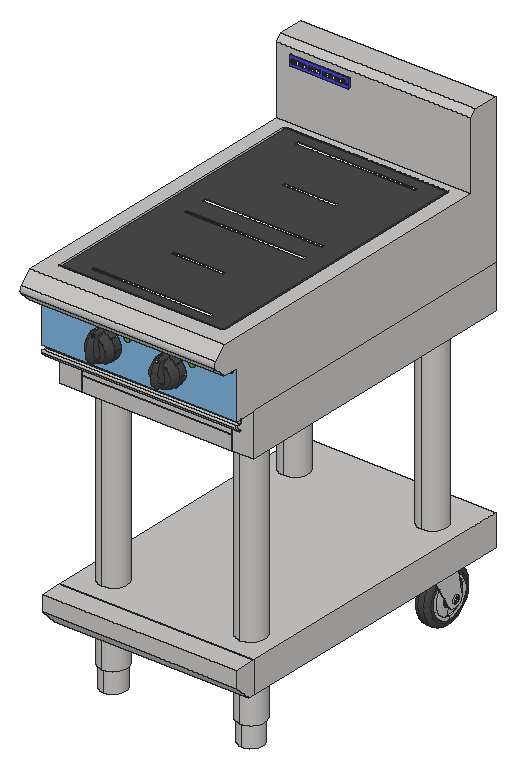
Revit family "QF_Moffat_IN512R5-LS_Induction_Cooktop_cat", category Specialty Equipment, Revit 2019
Family settings
  Round Connector Dimension = Use Diameter
  Part Type = Normal
  Work Plane-Based = No
  Always vertical = Yes
  Cut with Voids When Loaded = No
  Shared = No
  Room Calculation Point = No
Parameters (values of type "IN512R5-LS")
  Weight in Kilograms = 88
  Watts = 5810 W
  Volts = 415 V
  URL Cutsheet = ""
  Specification by User = ""
  Specification by Manufacturer = ""
  Show Logo [instance] = yes
  Show Legs [instance] = not(Show Castors)  # no
  Show Castors [instance] = yes
  Serial Number = ""
  Seismic Rating = ""
  SMACNA No = ""
  Revision Code = ""
  Phase = 3
  Number of Poles = 1
  NAFEM Spec ID Number = ""
  Model = "IN512R5-LS"
  Min Ckt Ampacity = 0 A
  Max Overcurrent Protection = 0 A
  Masterspec = ""
  Manufacturer = "Moffat"
  Length = 450 mm
  Item Number = ""
  Installed By = ""
  Identify Quantity as Lot = yes
  Height = 1085 mm
  HP = ""
  Furnished By = ""
  Foodservice Equipment Identifier = yes
  FL Amps = 14 A
  Electrical Remarks = ""
  Electric Connection Type = ""
  Elec Conn RI Height = 0 mm
  Elec Conn Connection Height = 0 mm
  Description = "Induction Cooktop"
  Depth = 812.2 mm
  Cycle = 60 Hz
  Conn Plug = ""
  Conn Conduit = yes
  CSI MasterFormat = ""
  Apparent Power = if(Phase = 3, Volts * FL Amps * 1.73, Volts * FL Amps)  # 10051.3 VA
Reference planes
  plane 1 "BACK": y = 0
  plane 2: z = 0
  plane 3 "LEFT": x = 0
  plane 4 "RIGHT": x = 450
  plane 5 "FRONT": y = -812.2
  plane 6 "TOP": z = 1085
  plane 7 "Center Y": x = 225
  plane 8 "Center X": y = -406.1
  plane 9: x = 65.5
  plane 10: x = 384.5
  plane 11: y = -30
  plane 12: x = 320
  plane 13: z = 635
  plane 14: y = -100
  plane 15: y = -625
  plane 16: z = 150
Forms (mm)
  Extrusion 1, solid, material "QF_Metal_Stainless_Polished"
    sketch origin (0, 0, 560) x (0, 1, 0) y (0, 0, 1)
      loop
        line (0, 180) -> (0, 525) -> (-57, 525) -> (-70, 512) -> (-70, 354.5) -> (-784.171, 354.5) -> (-808.685, 329.985)
        arc (-808.685, 329.985) -> (-812.2, 321.5) -> (-808.685, 313.015) r 12
        line (-808.685, 313.015) -> (-785.171, 289.5) -> (-749, 289.5) -> (-749, 180) -> (0, 180)
    from 0 to 450
  Extrusion 2, void
    sketch origin (0, -784.171, 914.5) x (0, 1, 0) y (-1, 0, 0)
      loop
        arc (696.671, -39.5) -> (694.913, -35.257) -> (690.671, -33.5) r 6
        line (690.671, -33.5) -> (44.671, -33.5)
        arc (44.671, -33.5) -> (40.428, -35.257) -> (38.671, -39.5) r 6
        line (38.671, -39.5) -> (38.671, -410.5)
        arc (38.671, -410.5) -> (40.428, -414.743) -> (44.671, -416.5) r 6
        line (44.671, -416.5) -> (690.671, -416.5)
        arc (690.671, -416.5) -> (694.913, -414.743) -> (696.671, -410.5) r 6
        line (696.671, -410.5) -> (696.671, -39.5)
    from 0 to -9.5
  Extrusion 3, solid, material "QF_Plastic_White_Smooth"
    sketch origin (0, -784.171, 905) x (0, 1, 0) y (-1, 0, 0)
      loop
        line (660.921, -362.5) -> (666.921, -362.5) -> (666.921, -87.5) -> (660.921, -87.5) -> (660.921, -362.5)
      loop
        line (526.421, -285) -> (532.421, -285) -> (532.421, -165) -> (526.421, -165) -> (526.421, -285)
      loop
        line (397.921, -87.5) -> (391.921, -87.5) -> (391.921, -362.5) -> (397.921, -362.5) -> (397.921, -87.5)
      loop
        line (337.421, -362.5) -> (343.421, -362.5) -> (343.421, -87.5) -> (337.421, -87.5) -> (337.421, -362.5)
      loop
        line (202.921, -285) -> (208.921, -285) -> (208.921, -165) -> (202.921, -165) -> (202.921, -285)
      loop
        line (74.421, -87.5) -> (68.421, -87.5) -> (68.421, -362.5) -> (74.421, -362.5) -> (74.421, -87.5)
    from 0 to 9.5
  Extrusion 4, solid, material "QF_Plastic_Black_Smooth"
    sketch origin (0, -784.171, 914.5) x (0, 1, 0) y (-1, 0, 0)
      loop
        line (692.671, -410.5) -> (692.671, -39.5)
        arc (692.671, -39.5) -> (692.085, -38.086) -> (690.671, -37.5) r 2
        line (690.671, -37.5) -> (44.671, -37.5)
        arc (44.671, -37.5) -> (43.256, -38.086) -> (42.671, -39.5) r 2
        line (42.671, -39.5) -> (42.671, -410.5)
        arc (42.671, -410.5) -> (43.256, -411.914) -> (44.671, -412.5) r 2
        line (44.671, -412.5) -> (690.671, -412.5)
        arc (690.671, -412.5) -> (692.085, -411.914) -> (692.671, -410.5) r 2
      loop
        line (666.921, -362.5) -> (666.921, -87.5) -> (660.921, -87.5) -> (660.921, -362.5) -> (666.921, -362.5)
      loop
        line (532.421, -285) -> (532.421, -165) -> (526.421, -165) -> (526.421, -285) -> (532.421, -285)
      loop
        line (397.921, -362.5) -> (397.921, -87.5) -> (391.921, -87.5) -> (391.921, -362.5) -> (397.921, -362.5)
      loop
        line (343.421, -87.5) -> (337.421, -87.5) -> (337.421, -362.5) -> (343.421, -362.5) -> (343.421, -87.5)
      loop
        line (208.921, -165) -> (202.921, -165) -> (202.921, -285) -> (208.921, -285) -> (208.921, -165)
      loop
        line (68.421, -362.5) -> (74.421, -362.5) -> (74.421, -87.5) -> (68.421, -87.5) -> (68.421, -362.5)
    from 0 to -9.5
  Extrusion 5, solid, material "QF_Metal_Stainless_Polished"
    sketch origin (0, 0, 600) x (0, 1, 0) y (0, 0, 1)
      loop
        line (-737.8, 140) -> (-737.8, 130) -> (-747.305, 130)
        arc (-747.305, 130) -> (-750.276, 128.015) -> (-749.579, 124.511) r 3.215
        line (-749.579, 124.511) -> (-739.05, 113.982) -> (-737.919, 115.113) -> (-748.447, 125.642)
        arc (-748.447, 125.642) -> (-748.797, 127.403) -> (-747.305, 128.4) r 1.615
        line (-747.305, 128.4) -> (-736.2, 128.4) -> (-736.2, 140) -> (-737.8, 140)
    from 0 to 450
  Extrusion 6, solid, material "QF_Plastic_Black_Smooth"
    sketch origin (0, -749, 741.875) x (0, 0, 1) y (-1, 0, 0)
      loop
        circle (99.343, -13.157) r 5
      loop
        circle (99.343, -436.843) r 5
      loop
        circle (99.343, -150) r 5
      loop
        circle (99.343, -300) r 5
    from 0 to 1.6
  Extrusion 7, solid, material "QF_Metal_Stainless_Polished"
    sketch origin (0, -699, 640) x (0, 1, 0) y (1, 0, 0)
      loop
        circle (669, 320) r 6.35
    from 0 to 1.6
  Extrusion 8, solid, material "QF_Metal_Stainless_Polished"
    sketch origin (0, -699, 645) x (1, 0, 0) y (0, -1, 0)
      loop
        line (0, -699) -> (450, -699) -> (450, 0) -> (399.2, 0) -> (399.2, -25.4) -> (50.8, -25.4) -> (50.8, 0) -> (0, 0) -> (0, -699)
    from 5 to -95
  Extrusion 9, solid, material "QF_Metal_Stainless_Polished"
    sketch origin (50.8, -30, 645) x (0, 1, 0) y (0, 0, 1)
      loop
        line (-669, -5) -> (-643.6, -5) -> (-643.6, 27.7) -> (-669, 27.7) -> (-669, -5)
      loop
        line (-669, 28.7) -> (-643.6, 28.7) -> (-643.6, 61.4) -> (-669, 61.4) -> (-669, 28.7)
      loop
        line (-669, 62.4) -> (-643.6, 62.4) -> (-643.6, 95) -> (-669, 95) -> (-669, 62.4)
    from 0 to 348.4
  Revolve 10, solid, material "QF_Metal_Stainless_Polished"
    sketch origin (65.5, -4572, 255.2) x (0, 0, -1) y (0, -1, 0)
      loop
        line (32.7, -4503.75) -> (32.7, -4472) -> (-384.8, -4472) -> (-384.8, -4503.75) -> (32.7, -4503.75)
      axis (-384.8, -4472) -> (32.7, -4472)
    angle from 0 to 360
  Revolve 11, solid, material "QF_Metal_Stainless_Polished"
    sketch origin (65.5, -4572, 255.2) x (0, 0, -1) y (0, -1, 0)
      loop
        line (255.2, -3974.5) -> (255.2, -3947) -> (-384.8, -3947) -> (-384.8, -3978.75) -> (205.2, -3978.75) -> (205.2, -3974.5) -> (255.2, -3974.5)
      axis (-384.8, -3947) -> (255.2, -3947)
    angle from 0 to 360
  Revolve 12, solid, material "QF_Metal_Stainless_Polished"
    sketch origin (384.5, -4572, 255.2) x (0, 0, -1) y (0, 1, 0)
      loop
        line (32.7, 4503.75) -> (-384.8, 4503.75) -> (-384.8, 4472) -> (32.7, 4472) -> (32.7, 4503.75)
      axis (-384.8, 4472) -> (32.7, 4472)
    angle from 0 to 360
  Revolve 13, solid, material "QF_Metal_Stainless_Polished"
    sketch origin (384.5, -4572, 255.2) x (0, 0, -1) y (0, 1, 0)
      loop
        line (255.2, 3974.5) -> (205.2, 3974.5) -> (205.2, 3978.75) -> (-384.8, 3978.75) -> (-384.8, 3947) -> (255.2, 3947) -> (255.2, 3974.5)
      axis (-384.8, 3947) -> (255.2, 3947)
    angle from 0 to 360
  Extrusion 14, solid, material "QF_Metal_Stainless_Polished"
    sketch origin (0, 0, 0) x (0, 1, 0) y (0, 0, 1)
      loop
        line (-747.95, 186) -> (-711.95, 150) -> (-697.95, 150) -> (-697.95, 222.5) -> (-747.95, 222.5) -> (-747.95, 186)
    from 0 to 450
  Extrusion 15, solid, material "QF_Metal_Stainless_Polished"
    sketch origin (0, 0, 0) x (0, 1, 0) y (0, 0, 1)
      loop
        line (-697.95, 222.5) -> (-697.95, 150) -> (0, 150) -> (0, 222.5) -> (-697.95, 222.5)
    from 0 to 450
  Revolve 16, solid, material "QF_Metal_Stainless_Polished", visible <- "Show Legs"
    sketch origin (65.5, -4047, 255.2) x (0, 0, -1) y (0, -1, 0)
      loop
        line (255.2, -3974.5) -> (255.2, -3947) -> (105.2, -3947) -> (105.2, -3978.75) -> (205.2, -3978.75) -> (205.2, -3974.5) -> (255.2, -3974.5)
      axis (105.2, -3947) -> (255.2, -3947)
    angle from 0 to 360
  Revolve 17, solid, material "QF_Metal_Stainless_Polished", visible <- "Show Legs"
    sketch origin (384.5, -4047, 255.2) x (0, 0, -1) y (0, -1, 0)
      loop
        line (255.2, -3974.5) -> (255.2, -3947) -> (105.2, -3947) -> (105.2, -3978.75) -> (205.2, -3978.75) -> (205.2, -3974.5) -> (255.2, -3974.5)
      axis (105.2, -3947) -> (255.2, -3947)
    angle from 0 to 360
  Extrusion 18, solid, material "QF_Paint_Green"
    sketch origin (-84.269, -749, 740) x (0, 0, 1) y (-1, 0, 0)
      loop
        circle (84.8, -282.5) r 7.15
    from 0 to 1.6
  Extrusion 19, solid, material "QF_Paint_Green"
    sketch origin (65.731, -749, 740) x (0, 0, 1) y (-1, 0, 0)
      loop
        circle (84.8, -282.5) r 7.15
    from 0 to 1.6
Cuts and joins
  Extrusion 2 cuts Extrusion 1
  joined: Revolve 11, Revolve 13, Extrusion 15
Lines and regions (mm)
  symbolic lines
    curve 1: line (0, 0, 0) -> (450, 0, 0)
    curve 2: line (0, -812.2, 0) -> (0, 0, 0)
    curve 3: line (450, -812.2, 0) -> (0, -812.2, 0)
    curve 4: line (450, 0, 0) -> (450, -812.2, 0)
    curve 5: line (0, -784.171, 0) -> (450, -784.171, 0)
    curve 6: line (0, -57, 0) -> (450, -57, 0)
    curve 7: line (0, -70, 0) -> (450, -70, 0)
    curve 8: line (39.5, -87.5, 0) -> (410.5, -87.5, 0)
    curve 9: arc (410.5, -87.5, 0) -> (414.743, -89.257, 0) -> (416.5, -93.5, 0) r 6
    curve 10: line (416.5, -93.5, 0) -> (416.5, -739.5, 0)
    curve 11: arc (416.5, -739.5, 0) -> (414.743, -743.743, 0) -> (410.5, -745.5, 0) r 6
    curve 12: line (410.5, -745.5, 0) -> (39.5, -745.5, 0)
    curve 13: arc (39.5, -745.5, 0) -> (35.257, -743.743, 0) -> (33.5, -739.5, 0) r 6
    curve 14: line (33.5, -739.5, 0) -> (33.5, -93.5, 0)
    curve 15: arc (33.5, -93.5, 0) -> (35.257, -89.257, 0) -> (39.5, -87.5, 0) r 6
    curve 16: line (410.5, -91.5, 0) -> (39.5, -91.5, 0)
    curve 17: arc (39.5, -91.5, 0) -> (38.086, -92.086, 0) -> (37.5, -93.5, 0) r 2
    curve 18: line (37.5, -93.5, 0) -> (37.5, -739.5, 0)
    curve 19: arc (37.5, -739.5, 0) -> (38.086, -740.914, 0) -> (39.5, -741.5, 0) r 2
    curve 20: line (39.5, -741.5, 0) -> (410.5, -741.5, 0)
    curve 21: arc (410.5, -741.5, 0) -> (411.914, -740.914, 0) -> (412.5, -739.5, 0) r 2
    curve 22: line (412.5, -739.5, 0) -> (412.5, -93.5, 0)
    curve 23: arc (412.5, -93.5, 0) -> (411.914, -92.086, 0) -> (410.5, -91.5, 0) r 2
    curve 24: line (362.5, -123.25, 0) -> (87.5, -123.25, 0)
    curve 25: line (87.5, -123.25, 0) -> (87.5, -117.25, 0)
    curve 26: line (87.5, -117.25, 0) -> (362.5, -117.25, 0)
    curve 27: line (362.5, -117.25, 0) -> (362.5, -123.25, 0)
    curve 28: line (285, -257.75, 0) -> (165, -257.75, 0)
    curve 29: line (165, -257.75, 0) -> (165, -251.75, 0)
    curve 30: line (165, -251.75, 0) -> (285, -251.75, 0)
    curve 31: line (285, -251.75, 0) -> (285, -257.75, 0)
    curve 32: line (362.5, -392.25, 0) -> (87.5, -392.25, 0)
    curve 33: line (87.5, -392.25, 0) -> (87.5, -386.25, 0)
    curve 34: line (87.5, -386.25, 0) -> (362.5, -386.25, 0)
    curve 35: line (362.5, -386.25, 0) -> (362.5, -392.25, 0)
    curve 36: line (362.5, -446.75, 0) -> (87.5, -446.75, 0)
    curve 37: line (87.5, -446.75, 0) -> (87.5, -440.75, 0)
    curve 38: line (87.5, -440.75, 0) -> (362.5, -440.75, 0)
    curve 39: line (362.5, -440.75, 0) -> (362.5, -446.75, 0)
    curve 40: line (285, -581.25, 0) -> (165, -581.25, 0)
    curve 41: line (165, -581.25, 0) -> (165, -575.25, 0)
    curve 42: line (165, -575.25, 0) -> (285, -575.25, 0)
    curve 43: line (285, -575.25, 0) -> (285, -581.25, 0)
    curve 44: line (362.5, -715.75, 0) -> (87.5, -715.75, 0)
    curve 45: line (87.5, -715.75, 0) -> (87.5, -709.75, 0)
    curve 46: line (87.5, -709.75, 0) -> (362.5, -709.75, 0)
    curve 47: line (362.5, -709.75, 0) -> (362.5, -715.75, 0)
Dimensions and locks
  equal spacing: plane 3 "LEFT", plane 7 "Center Y", plane 4 "RIGHT"
  "Length": plane 3 "LEFT" to plane 4 "RIGHT"
  equal spacing: plane 5 "FRONT", plane 8 "Center X", plane 1 "BACK"
  "Depth": plane 5 "FRONT" to plane 1 "BACK"
  "Height": plane 6 "TOP" to level
  plane 9 to plane 10 = 319 mm
  plane 4 "RIGHT" to plane 3 "LEFT" = 450 mm
  plane 1 "BACK" to cut or joined group of Extrusion 1, Extrusion 2 = 70 mm
  plane 1 "BACK" to plane 5 "FRONT" = 812.2 mm
  plane 6 "TOP" to plane 2 = 1085 mm
  cut or joined group of Extrusion 1, Extrusion 2 to plane 2 = 914.5 mm
  locked: plane 12 to plane 4 "RIGHT" at 130
  plane 1 "BACK" to plane 11 = 30 mm
  plane 1 "BACK" to plane 14 to plane 15 = 100 mm, 525 mm
  plane 2 to plane 13 = 635 mm
  plane 16 to plane 2 = 150 mm
  aligned and locked: level to plane 2
Automatic sketch dimensions
  plane 1 "BACK" to curve 1 = 0 mm
  curve 1 to plane 3 "LEFT" = 0 mm
  curve 3 to plane 4 "RIGHT" = 0 mm
  plane 5 "FRONT" to curve 3 = 0 mm
  curve 3 to curve 5 = 28.029 mm
  curve 7 to plane 14 = 30 mm
  curve 7 to curve 6 = 13 mm
  Extrusion 1 sketch curve to plane 6 "TOP" = 0 mm
  Extrusion 1 sketch curve to plane 1 "BACK" = 0 mm
  plane 11 to Extrusion 1 sketch curve = 27 mm
  Extrusion 1 sketch curve to plane 6 "TOP" = 13 mm
  Extrusion 1 sketch curve to Extrusion 1 sketch curve = 13 mm
  Extrusion 1 sketch curve to plane 5 "FRONT" = 63.2 mm
  Extrusion 1 sketch curve to plane 5 "FRONT" = 28.029 mm
  Extrusion 1 sketch curve to plane 5 "FRONT" = 27.029 mm
  Extrusion 1 sketch curve to plane 5 "FRONT" = 12 mm
  Extrusion 1 sketch curve to plane 5 "FRONT" = 3.515 mm  (x2)
  Extrusion 1 sketch curve to plane 6 "TOP" = 170.5 mm
  Extrusion 1 sketch curve to Extrusion 1 sketch curve = 24.515 mm
  Extrusion 1 sketch curve to Extrusion 1 sketch curve = 8.485 mm
  Extrusion 1 sketch curve to Extrusion 1 sketch curve = 32 mm
  Extrusion 1 sketch curve to plane 13 = 105 mm
  Extrusion 2 sketch curve to Extrusion 1 = 38.671 mm
  Extrusion 2 sketch curve to Extrusion 2 sketch curve = 6 mm  (x3)
  Extrusion 1 to Extrusion 2 sketch curve = 23.5 mm  (x2)
  Extrusion 1 to Extrusion 2 sketch curve = 33.5 mm
  Extrusion 1 to Extrusion 2 sketch curve = 39.5 mm
  Extrusion 4 sketch curve to Extrusion 1 = 42.671 mm
  Extrusion 4 sketch curve to Extrusion 4 sketch curve = 2 mm  (x3)
  Extrusion 1 to Extrusion 4 sketch curve = 23.5 mm  (x2)
  Extrusion 1 to Extrusion 4 sketch curve = 37.5 mm
  Extrusion 1 to Extrusion 4 sketch curve = 39.5 mm
  Extrusion 5 sketch curve to Extrusion 5 sketch curve = 0 mm  (x2)
  Extrusion 5 sketch curve to plane 5 "FRONT" = 62.621 mm
  Extrusion 5 sketch curve to Extrusion 5 sketch curve = 1.131 mm  (x3)
  Extrusion 5 sketch curve to Extrusion 5 sketch curve = 1.142 mm  (x2)
  Extrusion 5 sketch curve to Extrusion 5 sketch curve = 10.529 mm
  Extrusion 5 sketch curve to Extrusion 5 sketch curve = 9.505 mm
  Extrusion 5 sketch curve to Extrusion 5 sketch curve = 1.6 mm
  Extrusion 5 sketch curve to plane 13 = 78.982 mm
  Extrusion 5 sketch curve to Extrusion 5 sketch curve = 10 mm
  Extrusion 8 to Extrusion 7 sketch curve = 30 mm
  Extrusion 7 sketch curve to Extrusion 8 = 79.2 mm
  plane 1 "BACK" to Extrusion 8 sketch curve = 0 mm
  Extrusion 8 sketch curve to plane 3 "LEFT" = 0 mm
  Extrusion 8 sketch curve to plane 4 "RIGHT" = 0 mm
  plane 9 to Extrusion 8 sketch curve = 14.7 mm
  Extrusion 8 sketch curve to plane 10 = 14.7 mm
  plane 15 to Extrusion 8 sketch curve = 48.6 mm
  Extrusion 8 sketch curve to Extrusion 8 sketch curve = 25.4 mm  (x2)
  Extrusion 9 sketch curve to Extrusion 8 = 0 mm  (x8)
  Extrusion 8 to Extrusion 9 sketch curve = 32.7 mm
  Extrusion 9 sketch curve to Extrusion 9 sketch curve = 1 mm  (x2)
  Extrusion 9 sketch curve to Extrusion 9 sketch curve = 32.7 mm
  Revolve 10 sketch curve to plane 14 = 0 mm  (x2)
  Revolve 10 sketch curve to plane 13 = 5 mm
  Revolve 10 sketch curve to plane 14 = 31.75 mm
  plane 16 to Revolve 10 sketch curve = 72.5 mm
  Revolve 10 sketch curve to Revolve 10 sketch curve = 0 mm
  plane 16 to Revolve 10 sketch curve = 25 mm
  Revolve 11 sketch curve to plane 15 = 0 mm  (x2)
  Revolve 11 sketch curve to level = 0 mm  (x2)
  level to Revolve 11 sketch curve = 50 mm
  Revolve 11 sketch curve to plane 13 = 5 mm
  Revolve 11 sketch curve to Revolve 11 sketch curve = 27.5 mm
  Revolve 11 sketch curve to Revolve 11 sketch curve = 31.75 mm
  Revolve 11 sketch curve to Revolve 11 sketch curve = 25 mm
  Revolve 12 sketch curve to plane 14 = 0 mm  (x2)
  Revolve 12 sketch curve to plane 13 = 5 mm
  Revolve 12 sketch curve to plane 14 = 31.75 mm
  plane 16 to Revolve 12 sketch curve = 72.5 mm
  Revolve 12 sketch curve to Revolve 12 sketch curve = 0 mm
  Revolve 12 sketch curve to Revolve 12 sketch curve = 25 mm
  Revolve 13 sketch curve to plane 15 = 0 mm  (x2)
  Revolve 13 sketch curve to level = 0 mm  (x2)
  level to Revolve 13 sketch curve = 50 mm
  Revolve 13 sketch curve to plane 13 = 5 mm
  Revolve 13 sketch curve to plane 15 = 27.5 mm
  Revolve 13 sketch curve to Revolve 13 sketch curve = 4.25 mm
  Revolve 13 sketch curve to Revolve 13 sketch curve = 25 mm
  Extrusion 14 sketch curve to plane 16 = 0 mm
  Extrusion 14 sketch curve to plane 5 "FRONT" = 64.25 mm
  Extrusion 14 sketch curve to Extrusion 14 sketch curve = 36 mm
  Extrusion 14 sketch curve to Extrusion 14 sketch curve = 14 mm
  plane 16 to Extrusion 14 sketch curve = 36 mm
  Extrusion 14 sketch curve to Extrusion 14 sketch curve = 36.5 mm
  Extrusion 15 sketch curve to plane 16 = 0 mm
  Extrusion 15 sketch curve to plane 1 "BACK" = 0 mm
  plane 15 to Extrusion 15 sketch curve = 72.95 mm
  Extrusion 15 sketch curve to Extrusion 15 sketch curve = 72.5 mm
  Revolve 16 sketch curve to plane 14 = 0 mm  (x2)
  Revolve 16 sketch curve to plane 16 = 0 mm
  Revolve 16 sketch curve to level = 0 mm  (x2)
  level to Revolve 16 sketch curve = 50 mm
  Revolve 16 sketch curve to Revolve 16 sketch curve = 27.5 mm
  Revolve 16 sketch curve to plane 14 = 31.75 mm
  Revolve 16 sketch curve to Revolve 16 sketch curve = 25 mm
  Revolve 17 sketch curve to plane 14 = 0 mm  (x2)
  Revolve 17 sketch curve to plane 16 = 0 mm
  Revolve 17 sketch curve to level = 0 mm  (x2)
  level to Revolve 17 sketch curve = 50 mm
  Revolve 17 sketch curve to Revolve 17 sketch curve = 27.5 mm
  Revolve 17 sketch curve to plane 14 = 31.75 mm
  Revolve 17 sketch curve to Revolve 17 sketch curve = 25 mm
  Extrusion 1 to Extrusion 18 sketch curve = 24.7 mm
  Extrusion 1 to Extrusion 18 sketch curve = 198.231 mm
  Extrusion 1 to Extrusion 19 sketch curve = 24.7 mm
  Extrusion 1 to Extrusion 19 sketch curve = 101.769 mm
  curve 14 to plane 14 = 6.5 mm
  plane 9 to curve 14 = 32 mm
  curve 14 to curve 15 = 6 mm
  curve 13 to curve 13 = 6 mm
  curve 9 to plane 14 = 6.5 mm
  curve 9 to plane 10 = 26 mm
  curve 12 to curve 10 = 6 mm
  curve 5 to curve 12 = 38.671 mm
  curve 9 to curve 23 = 0 mm  (x2)
  curve 11 to curve 21 = 0 mm  (x2)
  curve 13 to curve 19 = 0 mm  (x2)
  curve 15 to curve 17 = 0 mm
  curve 18 to curve 15 = 2 mm
  Extrusion 1 to Extrusion 4 sketch curve = 53.25 mm
  Extrusion 4 sketch curve to Extrusion 4 sketch curve = 6 mm  (x6)
  Extrusion 4 sketch curve to Extrusion 4 sketch curve = 48 mm  (x4)
  Extrusion 4 sketch curve to Extrusion 4 sketch curve = 134.5 mm  (x3)
  Extrusion 4 sketch curve to Extrusion 4 sketch curve = 77.5 mm  (x2)
  Extrusion 4 sketch curve to Extrusion 4 sketch curve = 120 mm  (x2)
  Extrusion 1 to Extrusion 4 sketch curve = 87.5 mm  (x2)
  Extrusion 4 sketch curve to Extrusion 4 sketch curve = 54.5 mm
  Extrusion 4 sketch curve to Extrusion 4 sketch curve = 0 mm  (x2)
  Extrusion 4 sketch curve to Extrusion 4 sketch curve = 23.75 mm
  Extrusion 3 sketch curve to Extrusion 2 = 35.75 mm  (x2)
  Extrusion 3 sketch curve to Extrusion 3 sketch curve = 6 mm  (x6)
  Extrusion 3 sketch curve to Extrusion 2 = 54 mm  (x7)
  Extrusion 3 sketch curve to Extrusion 3 sketch curve = 128.5 mm  (x3)
  Extrusion 3 sketch curve to Extrusion 2 = 131.5 mm  (x2)
  Extrusion 3 sketch curve to Extrusion 3 sketch curve = 120 mm  (x2)
  Extrusion 3 sketch curve to Extrusion 3 sketch curve = 48.5 mm
  Extrusion 3 sketch curve to Extrusion 3 sketch curve = 0 mm
  curve 24 to plane 9 = 22 mm
  plane 10 to curve 26 = 22 mm
  plane 14 to curve 24 = 23.25 mm
  curve 24 to curve 27 = 6 mm
  curve 28 to plane 7 "Center Y" = 60 mm
  plane 12 to curve 31 = 35 mm
  plane 8 "Center X" to curve 29 = 148.35 mm
  curve 28 to curve 30 = 6 mm
  curve 32 to plane 9 = 22 mm
  plane 10 to curve 34 = 22 mm
  plane 8 "Center X" to curve 32 = 13.85 mm
  curve 32 to curve 34 = 6 mm
  curve 38 to plane 9 = 22 mm
  plane 10 to curve 36 = 22 mm
  curve 37 to plane 8 "Center X" = 40.65 mm
  curve 36 to curve 38 = 6 mm
  curve 40 to plane 7 "Center Y" = 60 mm
  plane 12 to curve 43 = 35 mm
  curve 41 to plane 15 = 43.75 mm
  curve 40 to curve 42 = 6 mm
  curve 44 to plane 9 = 22 mm
  plane 10 to curve 46 = 22 mm
  curve 11 to curve 47 = 23.75 mm
  curve 44 to curve 47 = 6 mm
  Extrusion 1 to Extrusion 6 sketch curve = 8.282 mm  (x4)
  Extrusion 1 to Extrusion 6 sketch curve = 13.157 mm  (x2)
  Extrusion 6 sketch curve to Extrusion 6 sketch curve = 136.843 mm
  Extrusion 1 to Extrusion 6 sketch curve = 150 mm
  radius of Extrusion 7 sketch curve = 6.35 mm
  radius of Extrusion 18 sketch curve = 7.15 mm
  radius of Extrusion 19 sketch curve = 7.15 mm
  radius of Extrusion 6 sketch curve = 5 mm  (x4)
Nested families
  nested 1: "QF_LOGO_BLue Seal" at (32, -70, 1034.385), visible <- "Show Logo", type "QF_LOGO_BLue Seal"
  nested 2: "6 INCHES 02_CASTER" at (65.5, -100, 0), Show Casters <- "Show Castors", type "6 INCHES 02_CASTER"
    with Type Mark "", Specification by User "", Show Casters yes, Revision Code "", Item Number "", Installed By "", Identify Quantity as Lot yes, Furnished By "", Foodservice Equipment Identifier yes
  nested 3: "6 INCHES 02_CASTER" at (384.5, -100, 0), Show Casters <- "Show Castors", type "6 INCHES 02_CASTER"
    with Type Mark "", Specification by User "", Show Casters yes, Revision Code "", Item Number "", Installed By "", Identify Quantity as Lot yes, Furnished By "", Foodservice Equipment Identifier yes
  nested 4: "Knob" at (117.5, -739.5, 764.5), type "Knob"
  nested 5: "Knob" at (267.5, -739.5, 764.5), type "Knob"
Connectors
  electrical at (320, -30, 638.4), driven by "Volts", driven by "Watts"
    settings: on Extrusion 7, index 1, voltage 415 V, apparent load 5810 VA, apparent load phase1 0 VA, apparent load phase2 0 VA, apparent load phase3 0 VA, power factor 1, load classification "Other", number of poles 1, system type 30, power factor state 1, is connector primary yes, connector utility no, sub classification motor no, connector description "Electrical Connection"
Definition of nested family "QF_LOGO_BLue Seal"
  Parameters (values of type "QF_LOGO_BLue Seal")
    Weight in Pounds = 0
    URL Cutsheet = ""
    Specification by User = ""
    Specification by Manufacturer = ""
    Serial Number = ""
    Seismic Rating = ""
    SMACNA No = ""
    Revision Code = ""
    NAFEM Spec ID Number = ""
    Masterspec = ""
    Length = 138 mm
    Item Number = ""
    Installed By = ""
    Identify Quantity as Lot = yes
    Height = 23 mm
    Furnished By = ""
    Foodservice Equipment Identifier = yes
    Depth = 3.175 mm
    CSI MasterFormat = ""
  Reference planes
    plane 1 "BACK": y = 0
    plane 2: z = 0
    plane 3 "LEFT": x = 0
    plane 4 "RIGHT": x = 138
    plane 5 "FRONT": y = -3.175
    plane 6 "TOP": z = 23
    plane 7 "Center Y": x = 69
    plane 8 "Center X": y = -1.587
  Forms (mm)
    Extrusion 1, solid
      sketch origin (0, 0, 0) x (1, 0, 0) y (0, 0, 1)
        loop
          arc (2, 23) -> (0.586, 22.414) -> (0, 21) r 2
          line (0, 21) -> (0, 2)
          arc (0, 2) -> (0.586, 0.586) -> (2, 0) r 2
          line (2, 0) -> (136, 0)
          arc (136, 0) -> (137.414, 0.586) -> (138, 2) r 2
          line (138, 2) -> (138, 21)
          arc (138, 21) -> (137.414, 22.414) -> (136, 23) r 2
          line (136, 23) -> (2, 23)
        loop
          arc (16.625, 15.317) -> (15.943, 15.034) -> (15.66, 14.352) r 0.965
          line (15.66, 14.352) -> (15.66, 8.169)
          arc (15.66, 8.169) -> (15.953, 7.461) -> (16.66, 7.169) r 1
          line (16.66, 7.169) -> (27.958, 7.169)
          arc (27.958, 7.169) -> (29.995, 9.206) -> (27.958, 11.243) r 2.037
          arc (27.958, 11.243) -> (29.995, 13.28) -> (27.958, 15.317) r 2.037
          line (27.958, 15.317) -> (16.625, 15.317)
        loop
          line (21.163, 13.835) -> (21.163, 12.291) -> (23.596, 12.291)
          arc (23.596, 12.291) -> (24.368, 13.063) -> (23.596, 13.835) r 0.772
          line (23.596, 13.835) -> (21.163, 13.835)
        loop
          line (21.163, 8.544) -> (23.596, 8.544)
          arc (23.596, 8.544) -> (24.368, 9.316) -> (23.596, 10.089) r 0.772
          line (23.596, 10.089) -> (21.163, 10.089) -> (21.163, 8.544)
        loop
          arc (32.475, 15.317) -> (31.768, 15.024) -> (31.475, 14.317) r 1
          line (31.475, 14.317) -> (31.475, 8.169)
          arc (31.475, 8.169) -> (31.768, 7.461) -> (32.475, 7.169) r 1
          line (32.475, 7.169) -> (41.849, 7.169)
          arc (41.849, 7.169) -> (42.859, 8.178) -> (41.849, 9.188) r 1.01
          line (41.849, 9.188) -> (37.262, 9.188) -> (37.262, 14.317)
          arc (37.262, 14.317) -> (36.969, 15.024) -> (36.262, 15.317) r 1
          line (36.262, 15.317) -> (32.475, 15.317)
        loop
          arc (44.648, 15.317) -> (43.941, 15.024) -> (43.648, 14.317) r 1
          line (43.648, 14.317) -> (43.648, 9.124)
          arc (43.648, 9.124) -> (44.221, 7.741) -> (45.604, 7.169) r 1.956
          line (45.604, 7.169) -> (55.306, 7.169)
          arc (55.306, 7.169) -> (56.749, 7.766) -> (57.347, 9.209) r 2.04
          line (57.347, 9.209) -> (57.347, 14.358)
          arc (57.347, 14.358) -> (57.066, 15.036) -> (56.388, 15.317) r 0.959
          line (56.388, 15.317) -> (52.676, 15.317)
          arc (52.676, 15.317) -> (51.968, 15.024) -> (51.676, 14.317) r 1
          line (51.676, 14.317) -> (51.676, 10.17)
          arc (51.676, 10.17) -> (50.529, 9.024) -> (49.383, 10.17) r 1.146
          line (49.383, 10.17) -> (49.383, 14.317)
          arc (49.383, 14.317) -> (49.09, 15.024) -> (48.383, 15.317) r 1
          line (48.383, 15.317) -> (44.648, 15.317)
        loop
          arc (60.035, 15.317) -> (59.328, 15.024) -> (59.035, 14.317) r 1
          line (59.035, 14.317) -> (59.035, 8.169)
          arc (59.035, 8.169) -> (59.328, 7.461) -> (60.035, 7.169) r 1
          line (60.035, 7.169) -> (69.845, 7.169)
          arc (69.845, 7.169) -> (70.828, 8.152) -> (69.845, 9.135) r 0.983
          line (69.845, 9.135) -> (65.06, 9.135) -> (65.06, 10.415) -> (69.988, 10.415)
          arc (69.988, 10.415) -> (70.828, 11.255) -> (69.988, 12.095) r 0.84
          line (69.988, 12.095) -> (65.06, 12.095) -> (65.06, 13.215) -> (69.777, 13.215)
          arc (69.777, 13.215) -> (70.828, 14.266) -> (69.777, 15.317) r 1.051
          line (69.777, 15.317) -> (60.035, 15.317)
        loop
          line (77.315, 14.317) -> (77.315, 11.634)
          arc (77.315, 11.634) -> (77.608, 10.927) -> (78.315, 10.634) r 1
          line (78.315, 10.634) -> (85.957, 10.634) -> (85.957, 8.756) -> (82.871, 8.756) -> (82.871, 9.708) -> (77.315, 9.708) -> (77.315, 8.169)
          arc (77.315, 8.169) -> (77.608, 7.461) -> (78.315, 7.169) r 1
          line (78.315, 7.169) -> (90.614, 7.169)
          arc (90.614, 7.169) -> (91.321, 7.461) -> (91.614, 8.169) r 1
          line (91.614, 8.169) -> (91.614, 11.073)
          arc (91.614, 11.073) -> (91.322, 11.778) -> (90.617, 12.07) r 0.996
          line (90.617, 12.07) -> (82.871, 12.07) -> (82.871, 13.786) -> (85.957, 13.786) -> (85.957, 12.856) -> (91.614, 12.856) -> (91.614, 14.317)
          arc (91.614, 14.317) -> (91.321, 15.024) -> (90.614, 15.317) r 1
          line (90.614, 15.317) -> (78.315, 15.317)
          arc (78.315, 15.317) -> (77.608, 15.024) -> (77.315, 14.317) r 1
        loop
          arc (107.404, 15.317) -> (106.697, 15.024) -> (106.404, 14.317) r 1
          line (106.404, 14.317) -> (106.404, 8.169)
          arc (106.404, 8.169) -> (106.697, 7.461) -> (107.404, 7.169) r 1
          line (107.404, 7.169) -> (111.34, 7.169)
          arc (111.34, 7.169) -> (112.047, 7.461) -> (112.34, 8.169) r 1
          line (112.34, 8.169) -> (112.34, 9.135) -> (115.1, 9.135) -> (115.1, 8.169)
          arc (115.1, 8.169) -> (115.393, 7.461) -> (116.1, 7.169) r 1
          line (116.1, 7.169) -> (119.975, 7.169)
          arc (119.975, 7.169) -> (120.682, 7.461) -> (120.975, 8.169) r 1
          line (120.975, 8.169) -> (120.975, 14.317)
          arc (120.975, 14.317) -> (120.682, 15.024) -> (119.975, 15.317) r 1
          line (119.975, 15.317) -> (107.404, 15.317)
        loop
          arc (94.016, 15.317) -> (93.309, 15.024) -> (93.016, 14.317) r 1
          line (93.016, 14.317) -> (93.016, 8.169)
          arc (93.016, 8.169) -> (93.309, 7.461) -> (94.016, 7.169) r 1
          line (94.016, 7.169) -> (103.826, 7.169)
          arc (103.826, 7.169) -> (104.809, 8.152) -> (103.826, 9.135) r 0.983
          line (103.826, 9.135) -> (99.041, 9.135) -> (99.041, 10.415) -> (103.969, 10.415)
          arc (103.969, 10.415) -> (104.809, 11.255) -> (103.969, 12.095) r 0.84
          line (103.969, 12.095) -> (99.041, 12.095) -> (99.041, 13.215) -> (103.759, 13.215)
          arc (103.759, 13.215) -> (104.809, 14.266) -> (103.759, 15.317) r 1.051
          line (103.759, 15.317) -> (94.016, 15.317)
        loop
          line (112.34, 11.583) -> (115.1, 11.583) -> (115.1, 12.915)
          arc (115.1, 12.915) -> (114.954, 13.268) -> (114.6, 13.415) r 0.5
          line (114.6, 13.415) -> (112.84, 13.415)
          arc (112.84, 13.415) -> (112.487, 13.268) -> (112.34, 12.915) r 0.5
          line (112.34, 12.915) -> (112.34, 11.583)
        loop
          arc (123.692, 15.317) -> (122.985, 15.024) -> (122.692, 14.317) r 1
          line (122.692, 14.317) -> (122.692, 8.169)
          arc (122.692, 8.169) -> (122.985, 7.461) -> (123.692, 7.169) r 1
          line (123.692, 7.169) -> (133.067, 7.169)
          arc (133.067, 7.169) -> (134.076, 8.178) -> (133.067, 9.188) r 1.01
          line (133.067, 9.188) -> (128.479, 9.188) -> (128.479, 14.317)
          arc (128.479, 14.317) -> (128.186, 15.024) -> (127.479, 15.317) r 1
          line (127.479, 15.317) -> (123.692, 15.317)
        loop
          circle (8.135, 11.2) r 4.581
      from 0 to 3.2
    Extrusion 2, solid
      sketch origin (0, 0, 0) x (1, 0, 0) y (0, 0, 1)
        loop
          circle (8.135, 11.2) r 4.581
        loop
          line (8.289, 15.169) -> (8.289, 7.231)
          arc (8.289, 7.231) -> (12.08, 11.2) -> (8.289, 15.169) r 3.973
        loop
          arc (16.625, 15.317) -> (15.943, 15.034) -> (15.66, 14.352) r 0.965
          line (15.66, 14.352) -> (15.66, 8.169)
          arc (15.66, 8.169) -> (15.953, 7.461) -> (16.66, 7.169) r 1
          line (16.66, 7.169) -> (27.958, 7.169)
          arc (27.958, 7.169) -> (29.995, 9.206) -> (27.958, 11.243) r 2.037
          arc (27.958, 11.243) -> (29.995, 13.28) -> (27.958, 15.317) r 2.037
          line (27.958, 15.317) -> (16.625, 15.317)
        loop
          line (21.163, 12.291) -> (23.596, 12.291)
          arc (23.596, 12.291) -> (24.368, 13.063) -> (23.596, 13.835) r 0.772
          line (23.596, 13.835) -> (21.163, 13.835) -> (21.163, 12.291)
        loop
          line (23.596, 10.089) -> (21.163, 10.089) -> (21.163, 8.544) -> (23.596, 8.544)
          arc (23.596, 8.544) -> (24.368, 9.316) -> (23.596, 10.089) r 0.772
        loop
          arc (37.262, 14.317) -> (36.969, 15.024) -> (36.262, 15.317) r 1
          line (36.262, 15.317) -> (32.475, 15.317)
          arc (32.475, 15.317) -> (31.768, 15.024) -> (31.475, 14.317) r 1
          line (31.475, 14.317) -> (31.475, 8.169)
          arc (31.475, 8.169) -> (31.768, 7.461) -> (32.475, 7.169) r 1
          line (32.475, 7.169) -> (41.849, 7.169)
          arc (41.849, 7.169) -> (42.859, 8.178) -> (41.849, 9.188) r 1.01
          line (41.849, 9.188) -> (37.262, 9.188) -> (37.262, 14.317)
        loop
          arc (43.648, 9.124) -> (44.221, 7.741) -> (45.604, 7.169) r 1.956
          line (45.604, 7.169) -> (55.306, 7.169)
          arc (55.306, 7.169) -> (56.749, 7.766) -> (57.347, 9.209) r 2.04
          line (57.347, 9.209) -> (57.347, 14.358)
          arc (57.347, 14.358) -> (57.066, 15.036) -> (56.388, 15.317) r 0.959
          line (56.388, 15.317) -> (52.676, 15.317)
          arc (52.676, 15.317) -> (51.968, 15.024) -> (51.676, 14.317) r 1
          line (51.676, 14.317) -> (51.676, 10.17)
          arc (51.676, 10.17) -> (50.529, 9.024) -> (49.383, 10.17) r 1.146
          line (49.383, 10.17) -> (49.383, 14.317)
          arc (49.383, 14.317) -> (49.09, 15.024) -> (48.383, 15.317) r 1
          line (48.383, 15.317) -> (44.648, 15.317)
          arc (44.648, 15.317) -> (43.941, 15.024) -> (43.648, 14.317) r 1
          line (43.648, 14.317) -> (43.648, 9.124)
        loop
          arc (69.777, 13.215) -> (70.828, 14.266) -> (69.777, 15.317) r 1.051
          line (69.777, 15.317) -> (60.035, 15.317)
          arc (60.035, 15.317) -> (59.328, 15.024) -> (59.035, 14.317) r 1
          line (59.035, 14.317) -> (59.035, 8.169)
          arc (59.035, 8.169) -> (59.328, 7.461) -> (60.035, 7.169) r 1
          line (60.035, 7.169) -> (69.845, 7.169)
          arc (69.845, 7.169) -> (70.828, 8.152) -> (69.845, 9.135) r 0.983
          line (69.845, 9.135) -> (65.06, 9.135) -> (65.06, 10.415) -> (69.988, 10.415)
          arc (69.988, 10.415) -> (70.828, 11.255) -> (69.988, 12.095) r 0.84
          line (69.988, 12.095) -> (65.06, 12.095) -> (65.06, 13.215) -> (69.777, 13.215)
        loop
          line (82.871, 13.786) -> (85.957, 13.786) -> (85.957, 12.856) -> (91.614, 12.856) -> (91.614, 14.317)
          arc (91.614, 14.317) -> (91.321, 15.024) -> (90.614, 15.317) r 1
          line (90.614, 15.317) -> (78.315, 15.317)
          arc (78.315, 15.317) -> (77.608, 15.024) -> (77.315, 14.317) r 1
          line (77.315, 14.317) -> (77.315, 11.634)
          arc (77.315, 11.634) -> (77.608, 10.927) -> (78.315, 10.634) r 1
          line (78.315, 10.634) -> (85.957, 10.634) -> (85.957, 8.756) -> (82.871, 8.756) -> (82.871, 9.708) -> (77.315, 9.708) -> (77.315, 8.169)
          arc (77.315, 8.169) -> (77.608, 7.461) -> (78.315, 7.169) r 1
          line (78.315, 7.169) -> (90.614, 7.169)
          arc (90.614, 7.169) -> (91.321, 7.461) -> (91.614, 8.169) r 1
          line (91.614, 8.169) -> (91.614, 11.073)
          arc (91.614, 11.073) -> (91.322, 11.778) -> (90.617, 12.07) r 0.996
          line (90.617, 12.07) -> (82.871, 12.07) -> (82.871, 13.786)
        loop
          arc (103.759, 13.215) -> (104.809, 14.266) -> (103.759, 15.317) r 1.051
          line (103.759, 15.317) -> (94.016, 15.317)
          arc (94.016, 15.317) -> (93.309, 15.024) -> (93.016, 14.317) r 1
          line (93.016, 14.317) -> (93.016, 8.169)
          arc (93.016, 8.169) -> (93.309, 7.461) -> (94.016, 7.169) r 1
          line (94.016, 7.169) -> (103.826, 7.169)
          arc (103.826, 7.169) -> (104.809, 8.152) -> (103.826, 9.135) r 0.983
          line (103.826, 9.135) -> (99.041, 9.135) -> (99.041, 10.415) -> (103.969, 10.415)
          arc (103.969, 10.415) -> (104.809, 11.255) -> (103.969, 12.095) r 0.84
          line (103.969, 12.095) -> (99.041, 12.095) -> (99.041, 13.215) -> (103.759, 13.215)
        loop
          line (112.34, 12.915) -> (112.34, 11.583) -> (115.1, 11.583) -> (115.1, 12.915)
          arc (115.1, 12.915) -> (114.954, 13.268) -> (114.6, 13.415) r 0.5
          line (114.6, 13.415) -> (112.84, 13.415)
          arc (112.84, 13.415) -> (112.487, 13.268) -> (112.34, 12.915) r 0.5
        loop
          arc (119.975, 7.169) -> (120.682, 7.461) -> (120.975, 8.169) r 1
          line (120.975, 8.169) -> (120.975, 14.317)
          arc (120.975, 14.317) -> (120.682, 15.024) -> (119.975, 15.317) r 1
          line (119.975, 15.317) -> (107.404, 15.317)
          arc (107.404, 15.317) -> (106.697, 15.024) -> (106.404, 14.317) r 1
          line (106.404, 14.317) -> (106.404, 8.169)
          arc (106.404, 8.169) -> (106.697, 7.461) -> (107.404, 7.169) r 1
          line (107.404, 7.169) -> (111.34, 7.169)
          arc (111.34, 7.169) -> (112.047, 7.461) -> (112.34, 8.169) r 1
          line (112.34, 8.169) -> (112.34, 9.135) -> (115.1, 9.135) -> (115.1, 8.169)
          arc (115.1, 8.169) -> (115.393, 7.461) -> (116.1, 7.169) r 1
          line (116.1, 7.169) -> (119.975, 7.169)
        loop
          arc (122.692, 8.169) -> (122.985, 7.461) -> (123.692, 7.169) r 1
          line (123.692, 7.169) -> (133.067, 7.169)
          arc (133.067, 7.169) -> (134.076, 8.178) -> (133.067, 9.188) r 1.01
          line (133.067, 9.188) -> (128.479, 9.188) -> (128.479, 14.317)
          arc (128.479, 14.317) -> (128.186, 15.024) -> (127.479, 15.317) r 1
          line (127.479, 15.317) -> (123.692, 15.317)
          arc (123.692, 15.317) -> (122.985, 15.024) -> (122.692, 14.317) r 1
          line (122.692, 14.317) -> (122.692, 8.169)
        loop
          line (8.019, 7.227) -> (8.019, 15.172)
          arc (8.019, 15.172) -> (4.133, 11.2) -> (8.019, 7.227) r 3.973
      from 0 to 3.2
    Extrusion 3, solid
      sketch origin (0, 0, 0) x (1, 0, 0) y (0, 0, 1)
        loop
          line (8.289, 15.169) -> (8.289, 7.231)
          arc (8.289, 7.231) -> (12.08, 11.2) -> (8.289, 15.169) r 3.973
      from 0 to 3.2
    Extrusion 4, solid
      sketch origin (16.271, 0, 0) x (-1, 0, 0) y (0, 0, -1)
        loop
          arc (8.252, -15.172) -> (12.138, -11.2) -> (8.252, -7.227) r 3.973
          line (8.252, -7.227) -> (8.252, -15.172)
      from 0 to 3.2
  Dimensions and locks
    equal spacing: plane 3 "LEFT", plane 7 "Center Y", plane 4 "RIGHT"
    "Length": plane 3 "LEFT" to plane 4 "RIGHT"
    equal spacing: plane 5 "FRONT", plane 8 "Center X", plane 1 "BACK"
    "Depth": plane 5 "FRONT" to plane 1 "BACK"
    "Height": plane 6 "TOP" to level
    plane 4 "RIGHT" to plane 3 "LEFT" = 138 mm
    aligned and locked: level to plane 2
  Automatic sketch dimensions
    Extrusion 1 sketch curve to Extrusion 1 sketch curve = 0 mm  (x12)
    Extrusion 1 sketch curve to plane 3 "LEFT" = 0 mm
    Extrusion 1 sketch curve to level = 0 mm
    Extrusion 1 sketch curve to plane 6 "TOP" = 0 mm
    plane 4 "RIGHT" to Extrusion 1 sketch curve = 0 mm
    plane 3 "LEFT" to Extrusion 1 sketch curve = 2 mm
    Extrusion 1 sketch curve to Extrusion 1 sketch curve = 2 mm
    plane 3 "LEFT" to Extrusion 1 sketch curve = 8.135 mm
    Extrusion 1 sketch curve to Extrusion 1 sketch curve = 7.524 mm
    Extrusion 1 sketch curve to Extrusion 1 sketch curve = 0.965 mm
    Extrusion 1 sketch curve to Extrusion 1 sketch curve = 1 mm  (x22)
    Extrusion 1 sketch curve to Extrusion 1 sketch curve = 4.503 mm
    Extrusion 1 sketch curve to Extrusion 1 sketch curve = 2.434 mm  (x2)
    Extrusion 1 sketch curve to Extrusion 1 sketch curve = 4.362 mm
    Extrusion 1 sketch curve to Extrusion 1 sketch curve = 3.517 mm
    Extrusion 1 sketch curve to Extrusion 1 sketch curve = 3.787 mm  (x2)
    Extrusion 1 sketch curve to Extrusion 1 sketch curve = 4.787 mm
    Extrusion 1 sketch curve to Extrusion 1 sketch curve = 4.588 mm
    Extrusion 1 sketch curve to Extrusion 1 sketch curve = 1.798 mm
    Extrusion 1 sketch curve to Extrusion 1 sketch curve = 1.956 mm  (x2)
    Extrusion 1 sketch curve to Extrusion 1 sketch curve = 3.735 mm
    Extrusion 1 sketch curve to Extrusion 1 sketch curve = 3.779 mm
    Extrusion 1 sketch curve to Extrusion 1 sketch curve = 1.146 mm
    Extrusion 1 sketch curve to Extrusion 1 sketch curve = 3.631 mm
    Extrusion 1 sketch curve to Extrusion 1 sketch curve = 3.713 mm
    Extrusion 1 sketch curve to Extrusion 1 sketch curve = 0.959 mm
    Extrusion 1 sketch curve to Extrusion 1 sketch curve = 1.688 mm
    Extrusion 1 sketch curve to plane 7 "Center Y" = 3.94 mm
    plane 7 "Center Y" to Extrusion 1 sketch curve = 0.777 mm
    plane 7 "Center Y" to Extrusion 1 sketch curve = 0.845 mm
    plane 7 "Center Y" to Extrusion 1 sketch curve = 0.988 mm
    Extrusion 1 sketch curve to Extrusion 1 sketch curve = 7.327 mm
    Extrusion 1 sketch curve to Extrusion 1 sketch curve = 4.556 mm
    Extrusion 1 sketch curve to Extrusion 1 sketch curve = 3.087 mm
    Extrusion 1 sketch curve to Extrusion 1 sketch curve = 4.657 mm  (x2)
    Extrusion 1 sketch curve to Extrusion 1 sketch curve = 0.004 mm
    Extrusion 1 sketch curve to Extrusion 1 sketch curve = 0.996 mm  (x2)
    Extrusion 1 sketch curve to Extrusion 1 sketch curve = 1.402 mm
    Extrusion 1 sketch curve to Extrusion 1 sketch curve = 5.025 mm
    Extrusion 1 sketch curve to Extrusion 1 sketch curve = 4.717 mm
    Extrusion 1 sketch curve to Extrusion 1 sketch curve = 4.785 mm
    Extrusion 1 sketch curve to Extrusion 1 sketch curve = 0.211 mm
    Extrusion 1 sketch curve to Extrusion 1 sketch curve = 2.645 mm
    Extrusion 1 sketch curve to Extrusion 1 sketch curve = 3.936 mm
    Extrusion 1 sketch curve to Extrusion 1 sketch curve = 0.5 mm  (x2)
    Extrusion 1 sketch curve to Extrusion 1 sketch curve = 1.76 mm
    Extrusion 1 sketch curve to Extrusion 1 sketch curve = 2.76 mm
    Extrusion 1 sketch curve to Extrusion 1 sketch curve = 4.875 mm
    Extrusion 1 sketch curve to Extrusion 1 sketch curve = 3.875 mm
    Extrusion 1 sketch curve to Extrusion 1 sketch curve = 1.717 mm
    plane 4 "RIGHT" to Extrusion 1 sketch curve = 4.933 mm
    plane 4 "RIGHT" to Extrusion 1 sketch curve = 2 mm  (x2)
    level to Extrusion 1 sketch curve = 7.169 mm  (x5)
    Extrusion 1 sketch curve to Extrusion 1 sketch curve = 5.169 mm
    Extrusion 1 sketch curve to Extrusion 1 sketch curve = 0.983 mm  (x2)
    Extrusion 1 sketch curve to Extrusion 1 sketch curve = 1.01 mm  (x2)
    Extrusion 1 sketch curve to Extrusion 1 sketch curve = 0.376 mm
    Extrusion 1 sketch curve to Extrusion 1 sketch curve = 0.588 mm
    Extrusion 1 sketch curve to Extrusion 1 sketch curve = 0.966 mm
    Extrusion 1 sketch curve to Extrusion 1 sketch curve = 2.037 mm  (x2)
    Extrusion 1 sketch curve to Extrusion 1 sketch curve = 0.772 mm  (x2)
    Extrusion 1 sketch curve to Extrusion 1 sketch curve = 0.952 mm
    Extrusion 1 sketch curve to Extrusion 1 sketch curve = 1.046 mm
    Extrusion 1 sketch curve to Extrusion 1 sketch curve = 1.28 mm  (x2)
    Extrusion 1 sketch curve to Extrusion 1 sketch curve = 1.878 mm
    Extrusion 1 sketch curve to Extrusion 1 sketch curve = 2.905 mm
    Extrusion 1 sketch curve to Extrusion 1 sketch curve = 3.031 mm
    Extrusion 1 sketch curve to Extrusion 1 sketch curve = 0.84 mm  (x2)
    Extrusion 1 sketch curve to Extrusion 1 sketch curve = 2.448 mm
    Extrusion 1 sketch curve to Extrusion 1 sketch curve = 2.202 mm
    Extrusion 1 sketch curve to Extrusion 1 sketch curve = 0.786 mm
    Extrusion 1 sketch curve to Extrusion 1 sketch curve = 1.332 mm
    Extrusion 1 sketch curve to Extrusion 1 sketch curve = 1.12 mm  (x2)
    Extrusion 1 sketch curve to Extrusion 1 sketch curve = 1.716 mm
    Extrusion 1 sketch curve to Extrusion 1 sketch curve = 1.051 mm  (x2)
    Extrusion 1 sketch curve to Extrusion 1 sketch curve = 4.147 mm
    Extrusion 1 sketch curve to Extrusion 1 sketch curve = 5.129 mm
    Extrusion 1 sketch curve to Extrusion 1 sketch curve = 0.051 mm
    Extrusion 1 sketch curve to Extrusion 1 sketch curve = 1.037 mm
    Extrusion 1 sketch curve to Extrusion 1 sketch curve = 0.516 mm
    plane 3 "LEFT" to Extrusion 1 sketch curve = 3.555 mm
    Extrusion 2 sketch curve to Extrusion 2 sketch curve = 0 mm  (x16)
    plane 3 "LEFT" to Extrusion 2 sketch curve = 8.019 mm
    Extrusion 2 sketch curve to Extrusion 2 sketch curve = 0.088 mm
    Extrusion 2 sketch curve to Extrusion 2 sketch curve = 0.029 mm
    Extrusion 2 sketch curve to Extrusion 2 sketch curve = 0.27 mm
    Extrusion 2 sketch curve to Extrusion 2 sketch curve = 7.371 mm
    Extrusion 2 sketch curve to Extrusion 2 sketch curve = 0.965 mm
    Extrusion 2 sketch curve to Extrusion 2 sketch curve = 1 mm  (x24)
    Extrusion 2 sketch curve to Extrusion 2 sketch curve = 4.503 mm
    Extrusion 2 sketch curve to Extrusion 2 sketch curve = 2.434 mm
    Extrusion 2 sketch curve to Extrusion 2 sketch curve = 4.362 mm
    Extrusion 2 sketch curve to Extrusion 2 sketch curve = 3.517 mm
    Extrusion 2 sketch curve to Extrusion 2 sketch curve = 3.787 mm  (x2)
    Extrusion 2 sketch curve to Extrusion 2 sketch curve = 4.787 mm  (x2)
    Extrusion 2 sketch curve to Extrusion 2 sketch curve = 4.588 mm  (x2)
    Extrusion 2 sketch curve to Extrusion 2 sketch curve = 1.798 mm
    Extrusion 2 sketch curve to Extrusion 2 sketch curve = 1.956 mm
    Extrusion 2 sketch curve to Extrusion 2 sketch curve = 3.735 mm
    Extrusion 2 sketch curve to Extrusion 2 sketch curve = 1.146 mm
    Extrusion 2 sketch curve to Extrusion 2 sketch curve = 3.631 mm
    Extrusion 2 sketch curve to Extrusion 2 sketch curve = 3.713 mm
    Extrusion 2 sketch curve to Extrusion 2 sketch curve = 0.959 mm
    Extrusion 2 sketch curve to Extrusion 2 sketch curve = 1.688 mm
    Extrusion 2 sketch curve to plane 7 "Center Y" = 3.94 mm
    plane 7 "Center Y" to Extrusion 2 sketch curve = 0.777 mm
    plane 7 "Center Y" to Extrusion 2 sketch curve = 0.845 mm
    plane 7 "Center Y" to Extrusion 2 sketch curve = 0.988 mm
    Extrusion 2 sketch curve to Extrusion 2 sketch curve = 7.327 mm
    Extrusion 2 sketch curve to Extrusion 2 sketch curve = 4.556 mm
    Extrusion 2 sketch curve to Extrusion 2 sketch curve = 3.087 mm
    Extrusion 2 sketch curve to Extrusion 2 sketch curve = 4.657 mm  (x2)
    Extrusion 2 sketch curve to Extrusion 2 sketch curve = 0.004 mm
    Extrusion 2 sketch curve to Extrusion 2 sketch curve = 0.996 mm
    Extrusion 2 sketch curve to Extrusion 2 sketch curve = 1.402 mm
    Extrusion 2 sketch curve to Extrusion 2 sketch curve = 5.025 mm
    Extrusion 2 sketch curve to Extrusion 2 sketch curve = 4.717 mm
    Extrusion 2 sketch curve to Extrusion 2 sketch curve = 4.785 mm
    Extrusion 2 sketch curve to Extrusion 2 sketch curve = 0.211 mm
    Extrusion 2 sketch curve to Extrusion 2 sketch curve = 2.578 mm
    Extrusion 2 sketch curve to Extrusion 2 sketch curve = 3.936 mm
    Extrusion 2 sketch curve to Extrusion 2 sketch curve = 0.5 mm  (x2)
    Extrusion 2 sketch curve to Extrusion 2 sketch curve = 1.76 mm
    Extrusion 2 sketch curve to Extrusion 2 sketch curve = 2.76 mm
    Extrusion 2 sketch curve to Extrusion 2 sketch curve = 3.875 mm
    Extrusion 2 sketch curve to Extrusion 2 sketch curve = 4.875 mm
    Extrusion 2 sketch curve to Extrusion 2 sketch curve = 1.717 mm
    level to Extrusion 2 sketch curve = 7.169 mm  (x6)
    level to Extrusion 2 sketch curve = 7.227 mm
    Extrusion 2 sketch curve to Extrusion 2 sketch curve = 0.003 mm
    Extrusion 2 sketch curve to Extrusion 2 sketch curve = 0.983 mm  (x2)
    Extrusion 2 sketch curve to Extrusion 2 sketch curve = 1.01 mm  (x2)
    Extrusion 2 sketch curve to Extrusion 2 sketch curve = 1.376 mm
    Extrusion 2 sketch curve to Extrusion 2 sketch curve = 0.588 mm
    Extrusion 2 sketch curve to Extrusion 2 sketch curve = 0.966 mm
    Extrusion 2 sketch curve to Extrusion 2 sketch curve = 2.037 mm  (x2)
    Extrusion 2 sketch curve to Extrusion 2 sketch curve = 0.772 mm  (x2)
    Extrusion 2 sketch curve to Extrusion 2 sketch curve = 1.539 mm
    Extrusion 2 sketch curve to Extrusion 2 sketch curve = 0.961 mm
    Extrusion 2 sketch curve to Extrusion 2 sketch curve = 1.28 mm  (x2)
    Extrusion 2 sketch curve to Extrusion 2 sketch curve = 1.878 mm
    Extrusion 2 sketch curve to Extrusion 2 sketch curve = 2.905 mm
    Extrusion 2 sketch curve to Extrusion 2 sketch curve = 3.969 mm
    Extrusion 2 sketch curve to Extrusion 2 sketch curve = 0.84 mm  (x2)
    Extrusion 2 sketch curve to Extrusion 2 sketch curve = 2.448 mm
    Extrusion 2 sketch curve to Extrusion 2 sketch curve = 2.202 mm
    Extrusion 2 sketch curve to Extrusion 2 sketch curve = 2.222 mm
    Extrusion 2 sketch curve to Extrusion 2 sketch curve = 1.332 mm
    Extrusion 2 sketch curve to Extrusion 2 sketch curve = 1.12 mm  (x2)
    Extrusion 2 sketch curve to Extrusion 2 sketch curve = 0.929 mm
    Extrusion 2 sketch curve to Extrusion 2 sketch curve = 1.051 mm  (x2)
    Extrusion 2 sketch curve to Extrusion 2 sketch curve = 5.129 mm  (x2)
    Extrusion 2 sketch curve to Extrusion 2 sketch curve = 4.147 mm
    Extrusion 2 sketch curve to Extrusion 2 sketch curve = 0.516 mm
    plane 3 "LEFT" to Extrusion 2 sketch curve = 3.555 mm
    plane 3 "LEFT" to Extrusion 3 sketch curve = 8.107 mm
    Extrusion 3 sketch curve to Extrusion 3 sketch curve = 0.182 mm
    level to Extrusion 3 sketch curve = 7.231 mm
    Extrusion 3 sketch curve to Extrusion 3 sketch curve = 3.969 mm
    Extrusion 4 sketch curve to plane 3 "LEFT" = 8.107 mm
    Extrusion 4 sketch curve to Extrusion 4 sketch curve = 0.088 mm
    Extrusion 4 sketch curve to level = 7.227 mm
    Extrusion 4 sketch curve to Extrusion 4 sketch curve = 3.972 mm
Definition of nested family "6 INCHES 02_CASTER"
  Parameters (values of type "6 INCHES 02_CASTER")
    Weight = ""
    URL Manufacturer = ""
    URL Cutsheet = ""
    URL = ""
    Type Mark [instance] = ""
    Specification by User [instance] = ""
    Specification by Manufacturer = ""
    Show Casters [instance] = yes
    Serial Number = ""
    Seismic Rating = ""
    SMACNA No = ""
    Revision Code [instance] = ""
    Omniclass Number and Title = ""
    NAFEM Spec ID Number = ""
    Model = ""
    MasterSpec. = ""
    Manufacturer = ""
    Item Number [instance] = ""
    Installed By [instance] = ""
    Identify Quantity as Lot [instance] = yes
    Furnished By [instance] = ""
    Foodservice Equipment Identifier [instance] = yes
    Description = ""
    CSI MasterFormat = ""
    CSI Master Format = ""
  Reference planes
    plane 1 "BACK": y = 0
    plane 2: z = 0
    plane 3 "LEFT": x = 0
    plane 4 "RIGHT": x = 0
    plane 5 "FRONT": y = 0
    plane 6 "TOP": z = 150
  Forms (mm)
    Revolve 1, solid, visible <- "Show Casters"
      sketch origin (-56.335, 0, -6.35) x (-1, 0, 0) y (0, 0, 1)
        loop
          line (-56.335, 152.4) -> (-56.335, 141.118) -> (-23.798, 141.118) -> (-23.798, 152.4) -> (-56.335, 152.4)
        axis (-56.335, 141.118) -> (-56.335, 152.4)
      angle from 0 to 360
    Extrusion 2, solid, visible <- "Show Casters"
      sketch origin (6.501, 53.083, -4.762) x (0, 1, 0) y (0, 0, 1)
        loop
          line (-85.799, 139.531) -> (-85.799, 133.181) -> (-42.478, 58.614)
          arc (-42.478, 58.614) -> (-16.638, 50.199) -> (-6.442, 75.39) r 19.923
          line (-6.442, 75.39) -> (-20.366, 139.531) -> (-85.799, 139.531)
      from 20.058 to 22.923
    Extrusion 3, solid, visible <- "Show Casters"
      sketch origin (0, 0, 146.05) x (0, 1, 0) y (-1, 0, 0)
        loop
          circle (0, 0) r 19.05
      from 0 to 3.95
    Extrusion 4, solid, visible <- "Show Casters"
      sketch origin (-6.501, 53.083, -4.762) x (0, 1, 0) y (0, 0, -1)
        loop
          line (-85.799, -133.181) -> (-85.799, -139.531) -> (-20.366, -139.531) -> (-6.442, -75.39)
          arc (-6.442, -75.39) -> (-16.638, -50.199) -> (-42.478, -58.614) r 19.923
          line (-42.478, -58.614) -> (-85.799, -133.181)
      from 20.058 to 22.923
    Extrusion 5, solid, visible <- "Show Casters"
      sketch origin (0, -3.253, 19.05) x (0, 1, 0) y (0, 0, 1)
        loop
          line (-29.464, 115.718) -> (-29.464, 109.368) -> (35.969, 109.368) -> (35.969, 115.718) -> (-29.464, 115.718)
      from -26.559 to 26.559
    Revolve 6, solid, visible <- "Show Casters"
      sketch origin (-49.213, 28.39, -3.252) x (1, 0, 0) y (0, 0, 1)
        loop
          line (14.841, 65.192) -> (14.841, 61.686) -> (16.111, 60.416) -> (17.635, 60.416) -> (17.635, 56.97) -> (29.782, 56.97) -> (29.782, 46.925) -> (33.069, 45.027) -> (36.232, 25.477) -> (32.544, 25.477) -> (32.544, 19.127) -> (33.338, 19.127) -> (33.338, 12.777)
          arc (33.338, 12.777) -> (36.127, 6.041) -> (42.863, 3.252) r 9.525
          line (42.863, 3.252) -> (55.563, 3.252)
          arc (55.563, 3.252) -> (62.298, 6.041) -> (65.088, 12.777) r 9.525
          line (65.088, 12.777) -> (65.088, 19.127) -> (65.881, 19.127) -> (65.881, 25.477) -> (62.193, 25.477) -> (65.371, 45.116) -> (68.644, 47.006) -> (68.644, 56.97) -> (80.79, 56.97) -> (80.79, 60.416) -> (82.314, 60.416) -> (83.584, 61.686) -> (83.584, 65.192) -> (14.841, 65.192)
        axis (14.841, 65.192) -> (83.584, 65.192)
      angle from 0 to 360
  Cuts and joins
    joined: Extrusion 2, Extrusion 4, Extrusion 5
  Lines and regions (mm)
    symbolic lines, visible <- "Show Casters"
      curve 1: line (11.652, 51.878, 0) -> (39.148, 36.003, 0)
      curve 2: line (-39.148, -36.11, 0) -> (-20.098, -3.115, 0)
      curve 3: line (-11.652, -51.985, 0) -> (-39.148, -36.11, 0)
      curve 4: line (39.148, 36.003, 0) -> (20.098, 3.007, 0)
      curve 5: line (-7.398, 18.882, 0) -> (11.652, 51.878, 0)
      curve 6: line (7.398, -18.99, 0) -> (-11.652, -51.985, 0)
  Dimensions and locks
    plane 6 "TOP" to level = 150 mm  (x2)
    aligned and locked: level to plane 2
Definition of nested family "Knob"
  Parameters (values of type "Knob")
    Weight in Pounds = 0
    URL Cutsheet = ""
    Specification by User = ""
    Specification by Manufacturer = ""
    Serial Number = ""
    Seismic Rating = ""
    SMACNA No = ""
    Revision Code = ""
    NAFEM Spec ID Number = ""
    Masterspec = ""
    Length = 65 mm
    Item Number = ""
    Installed By = ""
    Identify Quantity as Lot = yes
    Height = 69.5 mm
    Furnished By = ""
    Foodservice Equipment Identifier = yes
    Depth = 59 mm
    CSI MasterFormat = ""
  Reference planes
    plane 1 "BACK": y = 0
    plane 2: z = 0
    plane 3 "LEFT": x = 0
    plane 4 "RIGHT": x = 65
    plane 5 "FRONT": y = -59
    plane 6 "TOP": z = 69.5
    plane 7 "Center Y": x = 32.5
    plane 8 "Center X": y = -29.5
